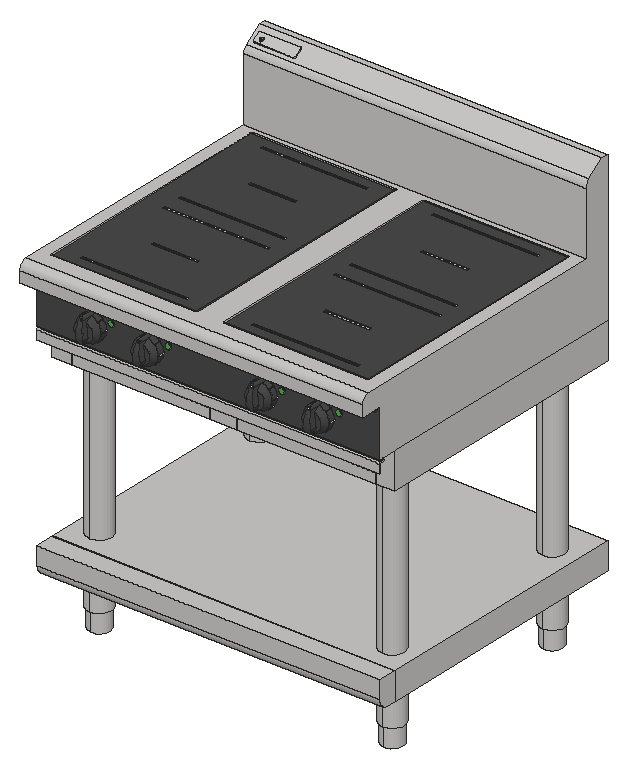
Revit family "QF_Moffat_INB8400R5-LS_Induction_Cooktop_cat", category Specialty Equipment, Revit 2019 (continued)
Definition of nested family "QF_LOGO_Waldorf"
  Lines and regions (mm)
    Split face 8
      outline origin (0, -1.881, 2.589) x (1, 0, 0) y (0, 0.809017, 0.587785)
        loop
          spline (76.449, 7.654) -> (76.841, 7.725) -> (77.206, 7.934) -> (77.52, 8.267) -> (77.76, 8.701) -> (77.912, 9.206) -> (77.963, 9.749) -> (77.912, 10.291) -> (77.76, 10.796) -> (77.52, 11.23) -> (77.206, 11.563) -> (76.841, 11.772) -> (76.449, 11.843)
          spline (76.449, 11.843) -> (76.057, 11.772) -> (75.691, 11.563) -> (75.378, 11.23) -> (75.137, 10.796) -> (74.986, 10.291) -> (74.934, 9.749) -> (74.986, 9.206) -> (75.137, 8.701) -> (75.378, 8.267) -> (75.691, 7.934) -> (76.057, 7.725) -> (76.449, 7.654)
    Split face 9
      outline origin (0, -1.881, 2.589) x (1, 0, 0) y (0, 0.809017, 0.587785)
        loop
          line (86.998, 12.335) -> (86.998, 13.879) -> (83.479, 13.879) -> (83.479, 5.728) -> (87.312, 5.728) -> (87.312, 8.975)
          spline (87.312, 8.975) -> (87.364, 9.356) -> (87.458, 9.686) -> (87.594, 9.968) -> (87.769, 10.204) -> (87.982, 10.398) -> (88.229, 10.55) -> (88.509, 10.666) -> (88.82, 10.746) -> (89.16, 10.794) -> (89.525, 10.812) -> (89.915, 10.803) -> (90.327, 10.77)
          line (90.327, 10.77) -> (90.327, 14.113)
          spline (90.327, 14.113) -> (89.929, 14.127) -> (89.552, 14.111) -> (89.197, 14.066) -> (88.865, 13.991) -> (88.554, 13.887) -> (88.266, 13.754) -> (87.999, 13.591) -> (87.755, 13.399) -> (87.532, 13.177) -> (87.332, 12.926) -> (87.154, 12.645) -> (86.998, 12.335)
    Split face 10
      outline origin (0, -1.881, 2.589) x (1, 0, 0) y (0, 0.809017, 0.587785)
        loop
          line (92.082, 13.879) -> (90.894, 13.879) -> (90.894, 11.972) -> (92.082, 11.972) -> (92.082, 5.728) -> (95.871, 5.728) -> (95.871, 11.972) -> (97.5, 11.972) -> (97.5, 13.879) -> (95.871, 13.879)
          spline (95.871, 13.879) -> (95.843, 14.088) -> (95.845, 14.278) -> (95.877, 14.447) -> (95.939, 14.596) -> (96.03, 14.726) -> (96.151, 14.835) -> (96.301, 14.925) -> (96.482, 14.995) -> (96.692, 15.045) -> (96.931, 15.075) -> (97.201, 15.085) -> (97.5, 15.076)
          line (97.5, 15.076) -> (97.5, 17.266) -> (95.367, 17.266)
          spline (95.367, 17.266) -> (94.982, 17.253) -> (94.58, 17.21) -> (94.174, 17.132) -> (93.774, 17.013) -> (93.39, 16.846) -> (93.034, 16.627) -> (92.717, 16.349) -> (92.448, 16.007) -> (92.24, 15.595) -> (92.102, 15.106) -> (92.046, 14.537) -> (92.082, 13.879)
  Dimensions and locks
    equal spacing: plane 3 "LEFT", plane 7 "Center Y", plane 4 "RIGHT"
    "Length": plane 3 "LEFT" to plane 4 "RIGHT"
    equal spacing: plane 5 "FRONT", plane 8 "Center X", plane 1 "BACK"
    "Depth": plane 5 "FRONT" to plane 1 "BACK"
    "Height": plane 6 "TOP" to level
    plane 4 "RIGHT" to plane 3 "LEFT" = 138 mm
    aligned and locked: level to plane 2
  Automatic sketch dimensions
    Extrusion 1 sketch curve to plane 3 "LEFT" = 0 mm
    plane 3 "LEFT" to Extrusion 1 sketch curve = 4 mm  (x2)
    Extrusion 1 sketch curve to Extrusion 1 sketch curve = 10.75 mm
    Extrusion 1 sketch curve to Extrusion 1 sketch curve = 0.5 mm
    plane 4 "RIGHT" to Extrusion 1 sketch curve = 33 mm
    Extrusion 1 sketch curve to Extrusion 1 sketch curve = 0 mm  (x3)
    Extrusion 1 sketch curve to Extrusion 1 sketch curve = 4 mm
    Extrusion 1 sketch curve to Extrusion 1 sketch curve = 3.464 mm  (x3)
    Extrusion 1 sketch curve to Extrusion 1 sketch curve = 3.541 mm
    Extrusion 1 sketch curve to Extrusion 1 sketch curve = 4.325 mm
    Extrusion 1 sketch curve to Extrusion 1 sketch curve = 19.783 mm
    Extrusion 1 sketch curve to Extrusion 1 sketch curve = 7.592 mm
    plane 3 "LEFT" to Extrusion 2 sketch curve = 15.25 mm
    Extrusion 2 sketch curve to Extrusion 2 sketch curve = 4.325 mm
    plane 3 "LEFT" to Extrusion 3 sketch curve = 14.75 mm
    Extrusion 3 sketch curve to Extrusion 3 sketch curve = 4.325 mm
    Extrusion 1 to Split face 1 sketch curve = 6.879 mm
    Split face 1 sketch curve to Extrusion 1 = 5.728 mm
    Split face 1 sketch curve to Split face 1 sketch curve = 3.132 mm
    Split face 1 sketch curve to Split face 1 sketch curve = 4.068 mm
    Split face 1 sketch curve to Split face 1 sketch curve = 3.051 mm
    Split face 1 sketch curve to Split face 1 sketch curve = 4.203 mm
    Split face 1 sketch curve to Split face 1 sketch curve = 2.916 mm
    Split face 1 sketch curve to Split face 1 sketch curve = 3.456 mm
    Split face 1 sketch curve to Split face 1 sketch curve = 2.934 mm
    Split face 1 sketch curve to Split face 1 sketch curve = 4.131 mm
    Split face 1 sketch curve to Split face 1 sketch curve = 3.96 mm
    Split face 1 sketch curve to Split face 1 sketch curve = 0 mm  (x2)
    Split face 1 sketch curve to Extrusion 1 = 9.736 mm  (x2)
    Extrusion 1 to Split face 1 sketch curve = 6.337 mm
    Extrusion 1 to Split face 1 sketch curve = 6.231 mm
    Extrusion 1 to Split face 1 sketch curve = 3.184 mm
    Extrusion 1 to Split face 1 sketch curve = 13.135 mm
    Split face 1 sketch curve to Split face 1 sketch curve = 4.652 mm
    Split face 1 sketch curve to Split face 1 sketch curve = 3.593 mm
    Split face 1 sketch curve to Split face 1 sketch curve = 1.863 mm
    Split face 1 sketch curve to Split face 1 sketch curve = 0.713 mm
    Split face 1 sketch curve to Split face 1 sketch curve = 2.684 mm
    Split face 1 sketch curve to Split face 1 sketch curve = 3.294 mm
    Split face 1 sketch curve to Split face 1 sketch curve = 0.459 mm
    Split face 1 sketch curve to Split face 1 sketch curve = 2.775 mm
    Split face 1 sketch curve to Split face 1 sketch curve = 1.89 mm
    Split face 1 sketch curve to Split face 1 sketch curve = 0.685 mm
    Split face 1 sketch curve to Split face 1 sketch curve = 9.486 mm
    Split face 1 sketch curve to Split face 1 sketch curve = 16.213 mm
    Split face 1 sketch curve to Split face 1 sketch curve = 3.48 mm
    Split face 1 sketch curve to Split face 1 sketch curve = 4.918 mm
    Split face 1 sketch curve to Split face 1 sketch curve = 7.609 mm
    Split face 1 sketch curve to Split face 1 sketch curve = 0.01 mm  (x2)
    Split face 1 sketch curve to Split face 1 sketch curve = 0.002 mm
    Split face 2 sketch curve to Extrusion 1 = 11.169 mm
    Extrusion 1 to Split face 2 sketch curve = 25.647 mm
    Split face 2 sketch curve to Split face 2 sketch curve = 3.72 mm
    Split face 2 sketch curve to Extrusion 1 = 11.965 mm
    Split face 2 sketch curve to Split face 2 sketch curve = 0.371 mm
    Split face 2 sketch curve to Extrusion 1 = 6.602 mm
    Split face 2 sketch curve to Split face 2 sketch curve = 2.689 mm
    Split face 2 sketch curve to Split face 2 sketch curve = 0.318 mm
    Split face 2 sketch curve to Split face 2 sketch curve = 3.729 mm
    Split face 2 sketch curve to Split face 2 sketch curve = 0.414 mm
    Split face 2 sketch curve to Split face 2 sketch curve = 0.875 mm
    Split face 2 sketch curve to Split face 2 sketch curve = 0.878 mm
    Split face 3 sketch curve to Extrusion 1 = 8.597 mm
    Extrusion 1 to Split face 3 sketch curve = 29.688 mm
    Split face 3 sketch curve to Extrusion 1 = 9.264 mm
    Split face 3 sketch curve to Split face 3 sketch curve = 2.326 mm
    Split face 4 sketch curve to Extrusion 1 = 5.728 mm
    Extrusion 1 to Split face 4 sketch curve = 38.08 mm
    Split face 4 sketch curve to Split face 4 sketch curve = 3.843 mm
    Split face 4 sketch curve to Extrusion 1 = 9.736 mm
    Split face 5 sketch curve to Extrusion 1 = 9.736 mm
    Split face 5 sketch curve to Extrusion 1 = 43.205 mm
    Split face 5 sketch curve to Extrusion 1 = 6.679 mm
    Split face 5 sketch curve to Split face 5 sketch curve = 0.342 mm
    Split face 5 sketch curve to Split face 5 sketch curve = 3.375 mm
    Split face 5 sketch curve to Split face 5 sketch curve = 0.952 mm
    Split face 5 sketch curve to Split face 5 sketch curve = 3.998 mm
    Split face 6 sketch curve to Extrusion 1 = 7.499 mm
    Split face 6 sketch curve to Extrusion 1 = 44.727 mm
    Split face 6 sketch curve to Split face 6 sketch curve = 2.07 mm
    Split face 7 sketch curve to Extrusion 1 = 5.305 mm
    Split face 7 sketch curve to Extrusion 1 = 32.551 mm
    Split face 7 sketch curve to Split face 7 sketch curve = 4.443 mm
    Split face 8 sketch curve to Extrusion 1 = 7.654 mm
    Split face 8 sketch curve to Extrusion 1 = 32.551 mm
    Split face 8 sketch curve to Split face 8 sketch curve = 2.095 mm
    Split face 9 sketch curve to Extrusion 1 = 5.728 mm
    Split face 9 sketch curve to Extrusion 1 = 25.521 mm
    Split face 9 sketch curve to Split face 9 sketch curve = 3.519 mm
    Split face 9 sketch curve to Split face 9 sketch curve = 0.315 mm
    Split face 9 sketch curve to Split face 9 sketch curve = 3.33 mm
    Split face 9 sketch curve to Split face 9 sketch curve = 3.248 mm
    Split face 9 sketch curve to Split face 9 sketch curve = 1.795 mm
    Split face 9 sketch curve to Split face 9 sketch curve = 3.36 mm
    Split face 9 sketch curve to Split face 9 sketch curve = 1.545 mm
    Split face 9 sketch curve to Split face 9 sketch curve = 0.233 mm
    Split face 10 sketch curve to Extrusion 1 = 18.106 mm
    Split face 10 sketch curve to Split face 10 sketch curve = 1.188 mm  (x2)
    Split face 10 sketch curve to Split face 10 sketch curve = 3.285 mm
    Split face 10 sketch curve to Split face 10 sketch curve = 3.789 mm
    Split face 10 sketch curve to Split face 10 sketch curve = 0 mm  (x2)
    Split face 10 sketch curve to Split face 10 sketch curve = 1.629 mm
    Split face 10 sketch curve to Split face 10 sketch curve = 2.133 mm
    Split face 10 sketch curve to Extrusion 1 = 5.728 mm
    Split face 10 sketch curve to Split face 10 sketch curve = 6.245 mm
    Split face 10 sketch curve to Split face 10 sketch curve = 1.907 mm  (x2)
    Split face 10 sketch curve to Split face 10 sketch curve = 1.197 mm
    Split face 10 sketch curve to Split face 10 sketch curve = 2.19 mm
Definition of nested family "Knob"
  Parameters (values of type "Knob")
    Weight in Pounds = 0
    URL Cutsheet = ""
    Specification by User = ""
    Specification by Manufacturer = ""
    Serial Number = ""
    Seismic Rating = ""
    SMACNA No = ""
    Revision Code = ""
    NAFEM Spec ID Number = ""
    Masterspec = ""
    Length = 65 mm
    Item Number = ""
    Installed By = ""
    Identify Quantity as Lot = yes
    Height = 69.5 mm
    Furnished By = ""
    Foodservice Equipment Identifier = yes
    Depth = 59 mm
    CSI MasterFormat = ""
  Reference planes
    plane 1 "BACK": y = 0
    plane 2: z = 0
    plane 3 "LEFT": x = 0
    plane 4 "RIGHT": x = 65
    plane 5 "FRONT": y = -59
    plane 6 "TOP": z = 69.5
    plane 7 "Center Y": x = 32.5
    plane 8 "Center X": y = -29.5
  Forms (mm)
    Revolve 1, solid
      sketch origin (32.5, 175.397, 1219.2) x (0, 1, 0) y (0, 0, 1)
        loop
          line (-175.397, -1186.7) -> (-219.397, -1186.7) -> (-219.397, -1211.501) -> (-202.106, -1219.2) -> (-185.397, -1219.2) -> (-185.397, -1191.7) -> (-175.397, -1191.7) -> (-175.397, -1186.7)
        axis (-219.397, -1186.7) -> (-175.397, -1186.7)
      angle from 0 to 360
    Extrusion 2, solid
      sketch origin (32.5, 175.397, 1219.2) x (0, 1, 0) y (0, 0, 1)
        loop
          line (-202.106, -1154.2) -> (-185.397, -1154.2) -> (-185.397, -1149.7) -> (-224.105, -1149.7)
          arc (-224.105, -1149.7) -> (-233.965, -1178.467) -> (-230.696, -1208.7) r 70
          line (-230.696, -1208.7) -> (-219.397, -1208.7) -> (-219.397, -1161.899) -> (-202.106, -1154.2)
      from -15 to 15
    Extrusion 3, void
      sketch origin (0, 0, 0) x (1, 0, 0) y (0, 0, 1)
        loop
          line (27.501, 64.613) -> (22.02, 20.585)
          arc (22.02, 20.585) -> (32.792, 10.488) -> (42.986, 21.169) r 10.487
          line (42.986, 21.169) -> (37.499, 64.613)
          arc (37.499, 64.613) -> (32.5, 69.5) -> (27.501, 64.613) r 5
        loop
          line (10, 72.977) -> (10, 5.625) -> (55, 5.625) -> (55, 72.977) -> (10, 72.977)
      from 6.142 to 69.687
    Extrusion 4, solid
      sketch origin (0, -34.115, -16.916) x (1, 0, 0) y (0, 0.45399, 0.891007)
        loop
          circle (32.497, 65) r 2
      from 51.525 to 53.075
    Extrusion 5, solid
      sketch origin (32.5, -10, 32.5) x (0, 0, -1) y (-1, 0, 0)
        loop
          line (-23.54, -22.408) -> (-24.106, -22.974)
          arc (-24.106, -22.974) -> (-23.547, -23.547) -> (-22.974, -24.106) r 33.3
          line (-22.974, -24.106) -> (-22.408, -23.54)
          arc (-22.408, -23.54) -> (-22.981, -22.981) -> (-23.54, -22.408) r 32.5
        loop
          arc (-0.8, -33.29) -> (0, -33.3) -> (0.8, -33.29) r 33.3
          line (0.8, -33.29) -> (0.8, -32.49)
          arc (0.8, -32.49) -> (0, -32.5) -> (-0.8, -32.49) r 32.5
          line (-0.8, -32.49) -> (-0.8, -33.29)
        loop
          arc (23.54, -22.408) -> (22.981, -22.981) -> (22.408, -23.54) r 32.5
          line (22.408, -23.54) -> (22.974, -24.106)
          arc (22.974, -24.106) -> (23.547, -23.547) -> (24.106, -22.974) r 33.3
          line (24.106, -22.974) -> (23.54, -22.408)
        loop
          arc (-23.54, 22.408) -> (-22.981, 22.981) -> (-22.408, 23.54) r 32.5
          line (-22.408, 23.54) -> (-22.974, 24.106)
          arc (-22.974, 24.106) -> (-23.547, 23.547) -> (-24.106, 22.974) r 33.3
          line (-24.106, 22.974) -> (-23.54, 22.408)
        loop
          line (-0.8, 33.29) -> (-0.8, 32.49)
          arc (-0.8, 32.49) -> (0, 32.5) -> (0.8, 32.49) r 32.5
          line (0.8, 32.49) -> (0.8, 33.29)
          arc (0.8, 33.29) -> (0, 33.3) -> (-0.8, 33.29) r 33.3
        loop
          line (32.49, -0.8) -> (33.29, -0.8)
          arc (33.29, -0.8) -> (33.3, 0) -> (33.29, 0.8) r 33.3
          line (33.29, 0.8) -> (32.49, 0.8)
          arc (32.49, 0.8) -> (32.5, 0) -> (32.49, -0.8) r 32.5
        loop
          arc (24.106, 22.974) -> (23.547, 23.547) -> (22.974, 24.106) r 33.3
          line (22.974, 24.106) -> (22.408, 23.54)
          arc (22.408, 23.54) -> (22.981, 22.981) -> (23.54, 22.408) r 32.5
          line (23.54, 22.408) -> (24.106, 22.974)
      from 0 to -16.709
  Cuts and joins
    Extrusion 3 cuts Extrusion 2
  Dimensions and locks
    equal spacing: plane 3 "LEFT", plane 7 "Center Y", plane 4 "RIGHT"
    "Length": plane 3 "LEFT" to plane 4 "RIGHT"
    equal spacing: plane 5 "FRONT", plane 8 "Center X", plane 1 "BACK"
    "Depth": plane 5 "FRONT" to plane 1 "BACK"
    "Height": plane 6 "TOP" to level
    plane 4 "RIGHT" to plane 3 "LEFT" = 65 mm
    aligned and locked: level to plane 2
  Automatic sketch dimensions
    Revolve 1 sketch curve to level = 0 mm
    Revolve 1 sketch curve to plane 1 "BACK" = 0 mm  (x2)
    plane 1 "BACK" to Revolve 1 sketch curve = 10 mm
    plane 8 "Center X" to Revolve 1 sketch curve = 2.791 mm
    Revolve 1 sketch curve to plane 8 "Center X" = 14.5 mm
    level to Revolve 1 sketch curve = 7.699 mm
    level to Revolve 1 sketch curve = 27.5 mm
    Revolve 1 sketch curve to Revolve 1 sketch curve = 5 mm
    Revolve 1 sketch curve to Revolve 1 sketch curve = 35 mm
    Revolve 1 sketch curve to Revolve 1 sketch curve = 0 mm
    Extrusion 2 sketch curve to plane 6 "TOP" = 0 mm
    Extrusion 2 sketch curve to plane 5 "FRONT" = 3.702 mm
    Extrusion 2 sketch curve to plane 5 "FRONT" = 10.293 mm
    Extrusion 2 sketch curve to Extrusion 2 sketch curve = 11.298 mm
    plane 8 "Center X" to Extrusion 2 sketch curve = 2.791 mm
    plane 1 "BACK" to Extrusion 2 sketch curve = 10 mm
    Extrusion 2 sketch curve to plane 1 "BACK" = 11 mm
    Extrusion 2 sketch curve to plane 6 "TOP" = 4.5 mm
    Extrusion 2 sketch curve to plane 6 "TOP" = 12.199 mm
    level to Extrusion 2 sketch curve = 32.962 mm
    level to Extrusion 3 sketch curve = 5.625 mm
    Extrusion 3 sketch curve to plane 7 "Center Y" = 0 mm  (x2)
    Extrusion 3 sketch curve to plane 7 "Center Y" = 4.999 mm
    Extrusion 3 sketch curve to plane 7 "Center Y" = 10.48 mm
    plane 6 "TOP" to Extrusion 3 sketch curve = 3.477 mm
    plane 3 "LEFT" to Extrusion 3 sketch curve = 10 mm
    Extrusion 3 sketch curve to plane 6 "TOP" = 4.887 mm
    Extrusion 3 sketch curve to Extrusion 3 sketch curve = 4.999 mm
    plane 7 "Center Y" to Extrusion 3 sketch curve = 10.486 mm
    level to Extrusion 3 sketch curve = 20.585 mm
    Extrusion 3 sketch curve to Extrusion 3 sketch curve = 0.387 mm
    Extrusion 3 sketch curve to Extrusion 3 sketch curve = 0.113 mm
    plane 4 "RIGHT" to Extrusion 3 sketch curve = 10 mm
    Extrusion 5 sketch curve to Revolve 1 = 32.49 mm
    Revolve 1 to Extrusion 5 sketch curve = 32.49 mm
    Extrusion 5 sketch curve to Revolve 1 = 23.54 mm  (x2)
    Revolve 1 to Extrusion 5 sketch curve = 23.54 mm  (x2)
    Extrusion 5 sketch curve to Revolve 1 = 24.106 mm  (x2)
    Revolve 1 to Extrusion 5 sketch curve = 24.106 mm  (x2)
    Revolve 1 to Extrusion 5 sketch curve = 22.408 mm  (x2)
    Extrusion 5 sketch curve to Revolve 1 = 22.408 mm  (x2)
    Revolve 1 to Extrusion 5 sketch curve = 22.974 mm  (x2)
    Extrusion 5 sketch curve to Revolve 1 = 22.974 mm  (x2)
    Extrusion 5 sketch curve to Extrusion 5 sketch curve = 1.6 mm  (x2)
    Revolve 1 to Extrusion 5 sketch curve = 0.8 mm
    Extrusion 5 sketch curve to Revolve 1 = 0.8 mm
    Extrusion 4 sketch curve to plane 7 "Center Y" = 0.003 mm
    radius of Extrusion 5 sketch curve to Revolve 1 = 0 mm  (x7)
    radius of Revolve 1 to Extrusion 5 sketch curve = 0.8 mm  (x7)
    radius of Extrusion 4 sketch curve = 2 mm
Types (2, lengths in mm): name | Volts | Cycle | Apparent Power
  INB8400R5-LS_415/60/3 | 415 V | 60 Hz | 20102.6 VA
  INB8400R5-LS_400/50/3 | 400 V | 50 Hz | 19376 VA
